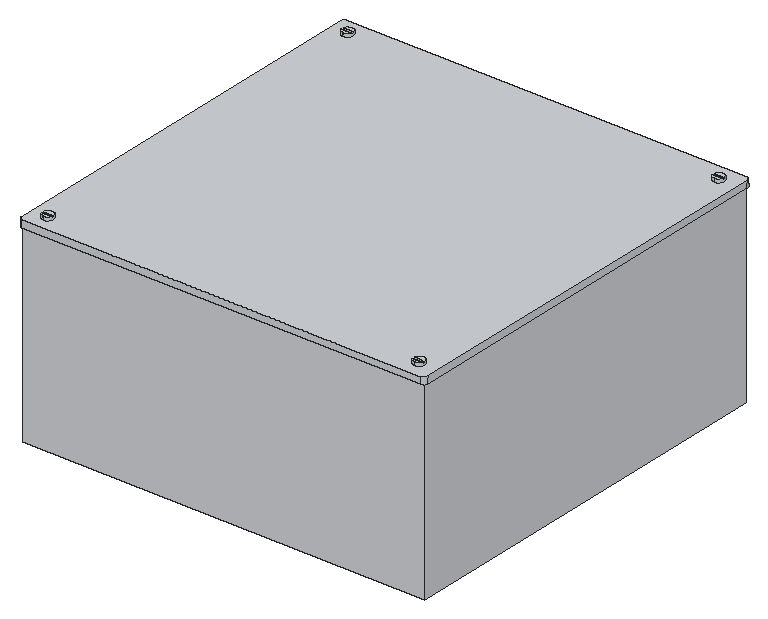
Revit family "AB14G", category Generic Models, Revit 2017
Family settings
  Can host rebar = No
  Round Connector Dimension = Use Diameter
  Part Type = Normal
  Work Plane-Based = Yes
  Always vertical = No
  Cut with Voids When Loaded = No
  Shared = No
  Room Calculation Point = No
Parameters (values of type "NBS Standard Parameters")
  Weight = "0.7685Kg"
  WarrantyStartDate [instance] = "1900-12-31T23:59:59"
  WarrantyGuarantorParts = "n/a"
  WarrantyGuarantorLabor = "n/a"
  WarrantyDurationUnit = "1 year"
  WarrantyDurationParts = "n/a"
  WarrantyDurationLabor = "n/a"
  WarrantyDescription = "n/a"
  Version = "1"
  Uniclass2 = "Pr_65_52_01_86"
  TagNumber [instance] = "n/a"
  SustainabilityPerformance = "n/a"
  Size = "150x150x75mm (6x6x3 inches)"
  Shape = "Square"
  SerialNumber [instance] = "n/a"
  Revision = "n/a"
  ReplacementCost = "n/a"
  ProductInformation = "www.metpro.co.uk/pdf/ab14g.pdf"
  NominalWidth = 150 mm
  NominalLength = 150 mm
  NominalHeight = 75 mm
  Name = ""
  NBSTypeID = ""
  NBSReference = "45-35-00/340"
  NBSOfficeMasterTag = ""
  NBSNote = ""
  NBSDescription = "Surface Boxes"
  NBSCertification = ""
  ModelReference = "AB14G"
  ModelNumber = "n/a"
  Material = "Galvanised Steel Sheet"
  ManufacturerURL = "ww.metpro.co.uk"
  ManufacturerName = "Metpro Ltd"
  Keynote = "Complaint to LU standard 1-085"
  InstallationDate [instance] = "1900-12-31T23:59:59"
  IfcExportType = ""
  IfcExportAs = ""
  Grade = "n/a"
  Finish = "Pre Galvanised Sheet Steel"
  Features = "n/a"
  ExpectedLife = "n/a"
  DurationUnit = "year"
  Description = "AB14G - 150x150x75mm (6x6x3 inch ) Adaptable Box - Plain"
  Default Elevation = 1219.2 mm
  Constituents = "n/a"
  Color = "n/a"
  CodePerformance = "n/a"
  Category = "n/a"
  BarCode [instance] = "n/a"
  BIMObjectName = "metpro_metprolibrary_surfaceboxes_adaptablebox_plainsided"
  Author = "Metpro Limited"
  AssetType = ""
  AssetIdentifier [instance] = "n/a"
  AccessibilityPerformance = "n/a"
Reference planes
  plane 1 "Center (Front/Back)": y = 0
  plane 2: z = 0
  plane 3 "Center (Left/Right)": x = 0
Forms (mm)
  Extrusion 1, solid
    sketch origin (-10.394, -1.199, 42) x (0, -1, 0) y (1, 0, 0)
      loop
        line (-2.199, -155) -> (-2.199, -5) -> (-152.199, -5) -> (-152.199, -155) -> (-2.199, -155)
    from 0 to 72.5
  Extrusion 2, solid
    sketch origin (-10.394, -1.199, 114.5) x (0, -1, 0) y (1, 0, 0)
      loop
        line (-151.75, -156) -> (-2.599, -156)
        arc (-2.599, -156) -> (-1.609, -155.59) -> (-1.199, -154.6) r 1.4
        line (-1.199, -154.6) -> (-1.199, -5.4)
        arc (-1.199, -5.4) -> (-1.609, -4.41) -> (-2.599, -4) r 1.4
        line (-2.599, -4) -> (-151.799, -4)
        arc (-151.799, -4) -> (-152.789, -4.41) -> (-153.199, -5.4) r 1.4
        line (-153.199, -5.4) -> (-153.199, -154.551)
        arc (-153.199, -154.551) -> (-152.774, -155.576) -> (-151.75, -156) r 1.449
    from 0 to 2.5
  Extrusion 3, solid
    sketch origin (-10.394, -1.199, 117) x (0, -1, 0) y (1, 0, 0)
      loop
        circle (-147.199, -149.75) r 2
      loop
        circle (-7.199, -149.75) r 2
      loop
        circle (-147.199, -11) r 2
      loop
        circle (-7.199, -11) r 2
    from 0 to 1
  Extrusion 4, void
    sketch origin (-10.394, -1.199, 118) x (1, 0, 0) y (0, -1, 0)
      loop
        line (-155, -146.644) -> (-155, -147.685) -> (-144.48, -147.685) -> (-144.48, -146.644) -> (-155, -146.644)
      loop
        line (-155, -6.678) -> (-155, -7.678) -> (-144.037, -7.678) -> (-144.037, -6.678) -> (-155, -6.678)
      loop
        line (-16, -146.826) -> (-16, -147.661) -> (-6.823, -147.661) -> (-6.823, -146.826) -> (-16, -146.826)
      loop
        line (-16, -6.516) -> (-16, -7.511) -> (-5.123, -7.511) -> (-5.123, -6.516) -> (-16, -6.516)
    from 0 to 0.5
Cuts and joins
  Extrusion 4 cuts Extrusion 3
Dimensions and locks
  aligned and locked: level to plane 2
